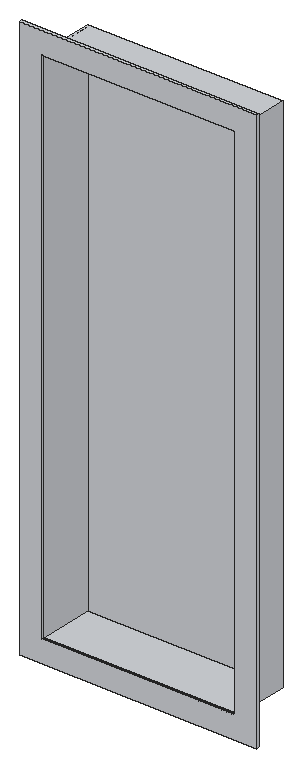
Revit family "Hager-VOLTA-Hollow_wall-IP30-Without_Cover-With_DIN-NoHosted-DE-de", category Electrical Equipment, Revit 2023
Family settings
  Panel Configuration = Two Columns, Circuits Across
  Round Connector Dimension = Use Diameter
  Part Type = Panelboard
  Work Plane-Based = Yes
  Always vertical = Yes
  Cut with Voids When Loaded = No
  Maintain Annotation Orientation = No
  Shared = No
  Room Calculation Point = No
Parameters (values of type "VOLTA-Hollow_wall_W348_H880_D94_12_Modular_Spacing-VH60NKM")
  Width Control [instance] = if([HG000006-Flush mounted], if([EF000846 - Einbaubreite] > min_whd, [EF000846 - Einbaubreite], min_whd), if([EF000008 - Breite] > min_whd, ([EF000008 - Breite]), min_whd))  # 314 mm
  Void Depth [instance] = if([EF000218 - Einbautiefe] > 1 mm, [EF000218 - Einbautiefe], 1 mm)  # 90 mm
  Uniformat code = "D501001"
  Uniformat = "Low Tension Service & Dist."
  Référence = ""
  HGEF0002950-Breite in Teilungseinheiten = 12
  HGEF000266-Anzahl der Reihen = 0
  HG000131 - Funktionell label [instance] = ""
  HG000130 - Functional name [instance] = ""
  HG000099-Onfly Template ID-de-DE = "507532"
  HG000059 - Betriebsspannung [instance] = 230 V
  HG000017-Distanz zwischen den Polen = 18 mm
  HG000016-3D-Türsichtbarkeit = yes
  HG000015-Sichtbarkeit der Türöffnung = yes
  HG000014-Tür rechts = yes
  HG000013-Tür links = no
  HG000012-Türschwenkwinkel = 90.00°
  HG000011-Leere Reihen von unten = no
  HG000010-Asymmetrische Türen = no
  HG000009-Doppelflügeligen Tür = no
  HG000008-Anzahl der leeren Reihen = 0
  HG000007-Anzahl der leeren Spalten = 0
  HG000005-Dicke = 2 mm
  HG000004-Herstellerreferenz = "VH60NKM"
  HG000003-Bereich = "VOLTA"
  HG000002-Mit tür = no
  HG000001-Anzahl der Spalten = 0
  ETIM class name = "Small distribution board"
  ETIM class code = "EC000214"
  EF015941 - Signaldurchlassende Tür = no
  EF015777 - Neutralleiterklemmenblock = no
  EF015776 - Erdungsklemmenblock = no
  EF009212 - Ausführung Deckel = "geschlossen"
  EF006306 - Mit Schloss = no
  EF006244 - Transparenter Deckel/Tür = no
  EF005474 - Schutzart (IP) = "IP30"
  EF004464 - Art der Tür = ""
  EF004462 - Art der Schließung = "sonstige"
  EF002950 - Breite in Teilungseinheiten = 12
  EF001596 - Werkstoff des Gehäuses = ""
  EF001134 - DIN-Schiene = yes
  EF001131 - Innentiefe = 0 mm
  EF001088 - Anbaumöglichkeit = yes
  EF001062 - EMV-Ausführung = no
  EF000846 - Einbaubreite = 314 mm
  EF000339 - Art der Abdeckung = ""
  EF000332 - Einbauhöhe = 846 mm
  EF000266 - Anzahl der Reihen = 0
  EF000218 - Einbautiefe = 90 mm
  EF000118 - Mit Montageplatte = yes
  EF000116 - RAL-Nummer = 9010
  EF000049 - Tiefe = 94 mm
  EF000040 - Höhe = 880 mm
  EF000024 - UV-beständig = no
  EF000008 - Breite = 348 mm
  EF000007 - Farbe = "weiß"
  EF000003 - Montageart = "Hohlwand"
  Type Comments = ""
  System Height [instance] = Height Control - 2 * [HG000005-Dicke]  # 842 mm
  Reference description = ""
  Reference = "VOLTA-Hollow_wall_W348_H880_D94_12_Modular_Spacing-VH60NKM"
  Panel Name [instance] = ""  # (empty or 0)
  Offset [instance] = 0 mm
  Object type = ""
  Name hager = "ADD_Enclosures_EC000214"
  Name BIM&CO = "Electricity"
  Name = "VOLTA-Hollow_wall-IP30-Without_Cover-With_DIN-DE"
  Model = ""
  Level Offset [instance] = [Flush Mounted - Door Frame Width] + Offset  # 34 mm
  HG000060-RAL-number = "9010"
  HG000006-Flush mounted = yes
  GTIN (Global Trade Item Number) = ""
  Description = ""
  Default Elevation = 1200 mm
  Creation Date = "12/15/2025 21:45:00"
  Code hager = "ADD-EC000214_EU"
  Code Uniformat = ""
  BIM&CO code = ""
  BC_VARIANT_ID = "1174283"
  BC_OBJECT_VERSION = "#3"  # constant formula
  BC_OBJECT_ID = "513480"  # constant formula
  BC_MODEL_ID = "1547176"  # constant formula
  BC_METADATA = "{\"ObjectGuid\":\"bc35c96e-cb38-443e-833d-0616858cb9ac\",\"ModelGuid\":\"8af03f69-2293-4735-a617-cc53adf55621\",\"VariantGuid\":\"8b6e323b-1b53-409a-a940-11b5a7fc5337\",\"Revision\":\"#4\",\"VariantName\":\"Template-Enclosure_EU-EC000214\"}"
  Arrow Offset [instance] = Depth Control / 8  # 11.25 mm
  Arrow Height [instance] = Depth Control - Arrow Offset  # 78.75 mm
  Host Offset [instance] = if([HG000006-Flush mounted], 0 mm, [EF000049 - Tiefe])  # 0 mm
  min_whd [instance] = (2 * [HG000005-Dicke]) + 1 mm  # 5 mm
  Manufacturer = "Hager"  # constant formula
  Height Control [instance] = if([HG000006-Flush mounted], if([EF000332 - Einbauhöhe] > min_whd, [EF000332 - Einbauhöhe], min_whd), if([EF000040 - Höhe] > min_whd, ([EF000040 - Höhe]), min_whd))  # 846 mm
  Flush Mounted - Door Frame Width [instance] = if(([EF000040 - Höhe] - [EF000332 - Einbauhöhe]) > 0 mm, if([HG000006-Flush mounted], [EF000040 - Höhe] - [EF000332 - Einbauhöhe], 0 mm), 0 mm)  # 34 mm
  Depth Control [instance] = if([HG000006-Flush mounted], if([EF000218 - Einbautiefe] > 0 mm, [EF000218 - Einbautiefe], 1 mm), if([EF000049 - Tiefe] > 0 mm, ([EF000049 - Tiefe]), 1 mm))  # 90 mm
Types (3, lengths in mm): name | Width Control | Void Depth | HG000004-Herstellerreferenz | EF004462 - Art der Schließung | EF000846 - Einbaubreite | EF000332 - Einbauhöhe | EF000218 - Einbautiefe | EF000049 - Tiefe | EF000040 - Höhe | System Height | Reference | Level Offset | BC_VARIANT_ID | Arrow Offset | Arrow Height | Height Control | Flush Mounted - Door Frame Width | Depth Control
  VOLTA-Hollow_wall_W348_H630_D98_12_Modular_Spacing-VH36NKM | 314.5 | 89 | "VH36NKM" | "" | 314.5 | 595 | 89 | 98 | 630 | 591 | "VOLTA-Hollow_wall_W348_H630_D98_12_Modular_Spacing-VH36NKM" | 35 | "1174281" | 11.125 | 77.875 | 595 | 35 | 89
  VOLTA-Hollow_wall_W348_H755_D98_12_Modular_Spacing-VH48NKM | 314.5 | 89 | "VH48NKM" | "" | 314.5 | 720 | 89 | 98 | 755 | 716 | "VOLTA-Hollow_wall_W348_H755_D98_12_Modular_Spacing-VH48NKM" | 35 | "1174282" | 11.125 | 77.875 | 720 | 35 | 89
  VOLTA-Hollow_wall_W348_H880_D94_12_Modular_Spacing-VH60NKM | 314 | 90 | "VH60NKM" | "sonstige" | 314 | 846 | 90 | 94 | 880 | 842 | "VOLTA-Hollow_wall_W348_H880_D94_12_Modular_Spacing-VH60NKM" | 34 | "1174283" | 11.25 | 78.75 | 846 | 34 | 90
Reference planes
  plane 1 "Center (Front/Back)": y = 0
  plane 2: z = 0
  plane 3 "Center (Left/Right)": x = 0
  plane 4: y = 36
  plane 5: y = 90
  plane 6: y = 34
  plane 7: z = 0
  plane 8: x = -157
  plane 9: x = 157
  plane 10: x = 155
  plane 11: x = -155
  plane 12: z = 34
  plane 13: z = 36
  plane 14: y = 5
  plane 15: y = 0
  plane 16: y = 88
  plane 17: z = 878
  plane 18: z = 880
  plane 19: z = 457
  plane 20: x = 0
  plane 21: y = -100
  plane 22 "Annotation H": y = -300
  plane 23 "Annotation V": x = 357
Forms (mm)
  Extrusion 1, solid
    sketch origin (-208.679, -4572, 34) x (-1, 0, 0) y (0, -1, 0)
      loop
        line (-51.679, -4572) -> (-365.679, -4572) -> (-365.679, -4662) -> (-51.679, -4662) -> (-51.679, -4572)
    from 0 to 846 <- "Height Control"
  Extrusion 2, void
    sketch origin (-350.771, 0, 1219.2) x (1, 0, 0) y (0, 0, 1)
      loop
        line (195.771, -341.2) -> (195.771, -1183.2) -> (505.771, -1183.2) -> (505.771, -341.2) -> (195.771, -341.2)
    from 0 to -88
  Extrusion 3, solid, detail levels coarse+medium
    sketch origin (-350.771, 0, 1219.2) x (-1, 0, 0) y (0, 0, 1)
      loop
        line (-195.771, -341.2) -> (-505.771, -341.2) -> (-505.771, -1183.2) -> (-195.771, -1183.2) -> (-195.771, -341.2)
    from 0 to 2 <- "HG000005-Dicke"
Cuts and joins
  Extrusion 2 cuts Extrusion 1
Dimensions and locks
  "Flush Mounted - Door Frame Width": plane 1 "Center (Front/Back)" to plane 6
  "HG000005-Dicke": plane 4 to plane 6
  "HG000005-Dicke": plane 8 to plane 11
  "HG000005-Dicke": plane 9 to plane 10
  equal spacing: plane 8, plane 3 "Center (Left/Right)", plane 9
  "Width Control": plane 8 to plane 9
  locked: plane 14 to plane 15 at 5
  "Host Offset": plane 1 "Center (Front/Back)" to plane 15
  "Depth Control": plane 5 to plane 15
  "HG000005-Dicke": plane 5 to plane 16
  "HG000005-Dicke": plane 13 to plane 12
  "Level Offset": plane 12 to level
  "HG000005-Dicke": plane 18 to plane 17
  "Height Control": plane 18 to plane 12
  "Arrow Offset": plane 5 to nested 4
  equal spacing: plane 18, plane 19, plane 12
  locked: connector elem to plane 19
  locked: connector elem to plane 3 "Center (Left/Right)"
  Extrusion 2 sketch curve to Extrusion 2 sketch curve to plane 9 = 310 mm, 2 mm
  locked: plane 9 to plane 23 "Annotation V" at 200
  locked: plane 22 "Annotation H" to plane 1 "Center (Front/Back)" at 300
  aligned and locked: nested 1 to plane 14
  aligned and locked: plane 3 "Center (Left/Right)" to nested 1
  aligned and locked: plane 3 "Center (Left/Right)" to nested 2
  aligned and locked: nested 2 to plane 15
  aligned and locked: plane 5 to Extrusion 1
  aligned and locked: Extrusion 3 sketch curve to plane 17
  aligned and locked: Extrusion 3 sketch curve to plane 11
  aligned and locked: plane 13 to Extrusion 3 sketch curve
  aligned and locked: Extrusion 3 sketch curve to plane 10
  aligned and locked: plane 13 to Extrusion 2 sketch curve
  aligned and locked: Extrusion 2 sketch curve to plane 17
  aligned and locked: plane 16 to Extrusion 2
  aligned and locked: plane 5 to Extrusion 1 sketch curve
  aligned and locked: plane 9 to Extrusion 1 sketch curve
  aligned and locked: plane 8 to Extrusion 1 sketch curve
  aligned and locked: plane 8 to nested 4
  aligned and locked: plane 8 to nested 3
  aligned and locked: nested 3 to plane 5
  aligned and locked: Extrusion 1 sketch curve to plane 15
  aligned and locked: Extrusion 2 to plane 15
  aligned and locked: nested 5 to plane 22 "Annotation H"
  aligned and locked: plane 23 "Annotation V" to nested 5
  aligned and locked: plane 11 to Extrusion 2
  aligned and locked: plane 10 to Extrusion 2
Nested families
  nested 1: "Hager_Enclosure_System" at (0, 5, 36), Flush_Mounted <- "HG000006-Flush mounted", Height <- "System Height", Width_Control <- "Width Control", Built-in_Width <- "EF000846 - Einbaubreite", Width <- "EF000008 - Breite", Depth <- "HG000005-Dicke", Border <- "HG000005-Dicke", Distance_Between_Poles <- "HG000017-Distanz zwischen den Polen", Empty_Columns <- "HG000007-Anzahl der leeren Spalten", Total_No_Empty_Rows <- "HG000008-Anzahl der leeren Reihen", Empty_Rows_From_Bottom <- "HG000011-Leere Reihen von unten", Columns_Count <- "HG000001-Anzahl der Spalten", Rows_Count <- "HGEF000266-Anzahl der Reihen", Row_Module_Multiplicator <- "HGEF0002950-Breite in Teilungseinheiten", type "Hager_Enclosure_System", detail levels medium+fine
    with Width_Control 314 mm, Width 348 mm, Total_No_Rows 0, Total_No_Empty_Rows 0, Total_No_Columns 1, System_Width 310 mm, Rows_Count 0, Rows_Column 0, Row_Module_Multiplicator 12, Panel_4 no, Panel_3 no, Panel_2 no, Panel_1 no, No_Panels_Ctrl 1, Hide_Columns yes, Height 842 mm, Flush_Mounted yes, Empty_Rows_From_Bottom no, Empty_Rows_Column 0, Empty_Columns 0, Empty column 4 0, Empty column 3 0, Empty column 2 0, Empty column 1 0, Distance_Between_Poles 18 mm, Depth 2 mm, Columns_Count 0, Column_Width 310 mm, Built-in_Width 314 mm, Border 2 mm
  nested 2: "Hager_Enclosure_Door" at (0, 0, 34), Height_Ctrl <- "Height Control", Flush_Mounted <- "HG000006-Flush mounted", Width_Ctrl <- "Width Control", BuiltIn_Depth <- "EF000218 - Einbautiefe", Depth <- "EF000049 - Tiefe", BuiltIn_Width <- "EF000846 - Einbaubreite", Height <- "EF000040 - Höhe", BuiltIn_Height <- "EF000332 - Einbauhöhe", Width <- "EF000008 - Breite", Transparent <- "EF006244 - Transparenter Deckel/Tür", Border <- "HG000005-Dicke", Door <- "HG000002-Mit tür", Double <- "HG000009-Doppelflügeligen Tür", Assymetrical <- "HG000010-Asymmetrische Türen", Angle <- "HG000012-Türschwenkwinkel", Door_Left <- "HG000013-Tür links", Door_Right <- "HG000014-Tür rechts", Clearance <- "HG000015-Sichtbarkeit der Türöffnung", 3d_Door <- "HG000016-3D-Türsichtbarkeit", type "Hager_Enclosure_Door", detail levels medium+fine
    with min_wh 5 mm, Width_Ctrl 314 mm, Width 348 mm, Transparent_Door_No_Bottom_Border no, Transparent no, Leaf_Width 307 mm, Leaf_Tolerance 1.5 mm, Leaf_Height 839 mm, Leaf_2_Width 307 mm, Leaf_2_Offset 153.5 mm, Leaf_1_Width 307 mm, Leaf_1_Offset 153.5 mm, Height_Ctrl 846 mm, Height 880 mm, Frame_Width_Ctrl 34 mm, Frame_Width 34 mm, Frame_Internal_Offset 2 mm, Frame_Height_Ctrl 34 mm, Frame_Height 34 mm, Frame_Depth_Ctrl 4 mm, Frame_Depth 4 mm, Flush_Mounted yes, Double_Clearance_Ctrl no, Double no, Door_Right_Ctrl no, Door_Right yes, Door_Left_Ctrl no, Door_Left no, Door no, Depth 94 mm, Clearance_Depth 307 mm, Clearance_Ctrl yes, Clearance yes, BuiltIn_Width 314 mm, BuiltIn_Height 846 mm, BuiltIn_Depth 90 mm, Border 2 mm, Assymetrical no, Angle 90.00°, 3d_Door yes
  nested 3: "Hager_Enclosure_Symbol_Triangle" at (-157, 90, 0), Depth <- "Depth Control", Width <- "Width Control", type "Hager_Enclosure_Symbol_Triangle"
    with Width_Ctrl 314 mm, Width 314 mm, Depth_Ctrl 90 mm, Depth 90 mm
  nested 4: "Hager_Enclosure_Symbol_Arrow" at (-157, 78.75, 0), Height <- "Arrow Height", type "Hager_Enclosure_Symbol_Arrow"
    with Width_Inside 5.906 mm, Width 70.875 mm, Height_Ctrl 78.75 mm, Height 78.75 mm
  nested 5: "Hager_Annotation-HG000130" at (357, -300, 0), HG000130 - Functional name <- "HG000130 - Functional name", type "Hager_Annotation-HG000130"
    with HG000130 - Functional name ""
Connectors
  electrical at (0, 90, 457), driven by "HG000059 - Betriebsspannung"
    settings: on plane 5, index 1, voltage 230 V, apparent load 0 VA, apparent load phase1 0 VA, apparent load phase2 0 VA, apparent load phase3 0 VA, power factor 1, load classification "Other", number of poles 1, system type 30, power factor state 1, is connector primary yes, connector utility no, sub classification motor no, connector description ""
Definition of nested family "Hager_Enclosure_Door"
  Parameters (values of type "Hager_Enclosure_Door")
    min_wh [instance] = (2 * Border) + 1 mm  # 11 mm
    Width_Ctrl [instance] = 400 mm
    Width [instance] = 500 mm
    Transparent_Door_No_Bottom_Border [instance] = no
    Transparent [instance] = yes
    Leaf_Width [instance] = if((Width_Ctrl - 2 * Border - 2 * Leaf_Tolerance) > 0 mm, (Width_Ctrl - 2 * Border - 2 * Leaf_Tolerance), min_wh)  # 387 mm
    Leaf_Tolerance [instance] = 1.5 mm  # constant formula
    Leaf_Height [instance] = if((Height_Ctrl - 2 * Border - 2 * Leaf_Tolerance) > 0 mm, (Height_Ctrl - 2 * Border - 2 * Leaf_Tolerance), min_wh)  # 387 mm
    Leaf_2_Width [instance] = if(and(and(Double, Assymetrical), Door_Left), (Leaf_Width / 3) - (Leaf_Tolerance / 2), if(and(and(Double, Assymetrical), Door_Right), (Leaf_Width / 3) * 2 - (Leaf_Tolerance / 2), if(and(Double, not(Assymetrical)), (Leaf_Width / 2) - Leaf_Tolerance, Leaf_Width)))  # 387 mm
    Leaf_2_Offset [instance] = if(and(Double, Assymetrical), Leaf_2_Width / 2, if(and(Double, not(Assymetrical)), Leaf_Width / 4, Leaf_Width / 2))  # 193.5 mm
    Leaf_1_Width [instance] = if(and(and(Double, Assymetrical), Door_Right), (Leaf_Width / 3) - (Leaf_Tolerance / 2), if(and(and(Double, Assymetrical), Door_Left), (Width / 3) * 2 - (Leaf_Tolerance / 2), if(and(Double, not(Assymetrical)), (Leaf_Width / 2) - Leaf_Tolerance, Leaf_Width)))  # 387 mm
    Leaf_1_Offset [instance] = if(and(Double, Assymetrical), Leaf_1_Width / 2, if(and(Double, not(Assymetrical)), Leaf_Width / 4, Leaf_Width / 2))  # 193.5 mm
    Height_Ctrl [instance] = 400 mm
    Height [instance] = 500 mm
    Frame_Width_Ctrl [instance] = if(Frame_Width > 0 mm, Frame_Width, 1 mm)  # 1 mm
    Frame_Width [instance] = Width - BuiltIn_Width  # 0 mm
    Frame_Internal_Offset [instance] = if(Flush_Mounted, Border, 0 mm)  # 5 mm
    Frame_Height_Ctrl [instance] = if(Frame_Height > 0 mm, Frame_Height, 1 mm)  # 1 mm
    Frame_Height [instance] = Height - BuiltIn_Height  # 0 mm
    Frame_Depth_Ctrl [instance] = if(Frame_Depth > 0 mm, Frame_Depth, 1 mm)  # 1 mm
    Frame_Depth [instance] = if(Depth - BuiltIn_Depth > 0 mm, if(Flush_Mounted, Depth - BuiltIn_Depth, 0 mm), 0 mm)  # 0 mm
    Flush_Mounted [instance] = yes
    Double_Clearance_Ctrl [instance] = and(Double, Clearance)  # no
    Double [instance] = no
    Door_Right_Ctrl [instance] = and(or(Door_Right, Double), Door)  # yes
    Door_Right [instance] = yes
    Door_Left_Ctrl [instance] = and(or(Door_Left, Double), Door)  # no
    Door_Left [instance] = no
    Door [instance] = yes
    Depth [instance] = 500 mm
    Default Elevation = 1219.2 mm
    Clearance_Material = none
    Clearance_Depth [instance] = if(Leaf_1_Width > Leaf_2_Width, Leaf_1_Width, Leaf_2_Width)  # 387 mm
    Clearance_Ctrl [instance] = and(not(Double), Clearance)  # yes
    Clearance [instance] = yes
    BuiltIn_Width [instance] = 500 mm
    BuiltIn_Height [instance] = 500 mm
    BuiltIn_Depth [instance] = 500 mm
    Border [instance] = 5 mm
    Assymetrical [instance] = yes
    Angle [instance] = 30.00°
    3d_Door [instance] = yes
  Reference planes
    plane 1 "Center (Front/Back)": y = 0
    plane 2 "Bottom": z = 0
    plane 3 "Center (Left/Right)": x = 0
    plane 4: z = 400
    plane 5: x = -200
    plane 6: x = 200
    plane 7: z = 395
    plane 8: x = -195
    plane 9: z = 5
    plane 10: x = 195
    plane 11: y = 0
    plane 12: z = 6.5
    plane 13: x = -582
    plane 14: y = -387
    plane 15: x = 582
    plane 16: x = 0
    plane 17: x = 0
    plane 18: x = -193.5
    plane 19: x = 193.5
    plane 20: z = 393.5
  Forms (mm)
    Extrusion 1, solid, visible <- "Flush_Mounted"
      sketch origin (0, 0, 0) x (1, 0, 0) y (0, 0, 1)
        loop
          line (195, 5) -> (195, 395) -> (-195, 395) -> (-195, 5) -> (195, 5)
        loop
          line (-201, 401) -> (-201, -1) -> (201, -1) -> (201, 401) -> (-201, 401)
      from 0 to 1 <- "Frame_Depth_Ctrl"
    Extrusion 2, solid, material <- "Clearance_Material", visible <- "Double_Clearance_Ctrl"
      sketch origin (1200, 0, 0) x (1, 0, 0) y (0, 0, -1)
        loop
          line (-1782, -393.5) -> (-618, -393.5) -> (-618, 0) -> (-1782, 0) -> (-1782, -393.5)
      from 0 to -387
  Dimensions and locks
    equal spacing: plane 5, plane 3 "Center (Left/Right)", plane 6
    "Width_Ctrl": plane 5 to plane 6
    "Border": plane 5 to plane 8
    "Border": plane 6 to plane 10
    "Border": plane 9 to level
    "Border": plane 4 to plane 7
    "Height_Ctrl": plane 4 to level
    "Leaf_Tolerance": plane 12 to plane 9
    "Frame_Depth": plane 11 to plane 1 "Center (Front/Back)"
    "Frame_Width_Ctrl": plane 5 to Extrusion 1 sketch curve
    "Frame_Width_Ctrl": plane 6 to Extrusion 1 sketch curve
    "Frame_Width_Ctrl": Extrusion 1 sketch curve to plane 4
    "Frame_Width_Ctrl": plane 2 "Bottom" to Extrusion 1 sketch curve
    "Leaf_1_Offset": plane 18 to plane 16
    "Leaf_2_Offset": plane 17 to plane 19
    "Leaf_1_Width": plane 13 to plane 8
    "Leaf_2_Width": plane 10 to plane 15
    "Clearance_Depth": plane 14 to plane 1 "Center (Front/Back)"
    "Leaf_Tolerance": plane 8 to plane 18
    "Leaf_Tolerance": plane 19 to plane 10
    "Leaf_Tolerance": plane 7 to plane 20
    "Frame_Internal_Offset": plane 5 to Extrusion 1 sketch curve
    "Frame_Internal_Offset": Extrusion 1 sketch curve to plane 2 "Bottom"
    "Frame_Internal_Offset": plane 6 to Extrusion 1 sketch curve
    "Frame_Internal_Offset": plane 4 to Extrusion 1 sketch curve
    aligned and locked: level to plane 2 "Bottom"
    aligned and locked: nested 1 to plane 16
    aligned and locked: nested 2 to plane 17
    aligned and locked: Extrusion 2 to plane 13
    aligned and locked: plane 15 to Extrusion 2
    aligned and locked: Extrusion 2 to plane 14
    aligned and locked: plane 12 to nested 1
    aligned and locked: nested 2 to plane 12
    aligned and locked: Extrusion 2 to plane 11
    aligned and locked: plane 20 to Extrusion 2
    aligned and locked: nested 2 to plane 11
    aligned and locked: nested 1 to plane 11
  Automatic sketch dimensions
    Extrusion 2 sketch curve to level = 0 mm
    plane 5 to Extrusion 2 sketch curve = 382 mm
    plane 6 to Extrusion 2 sketch curve = 382 mm
    Extrusion 2 sketch curve to plane 4 = 6.5 mm
  Nested families
    nested 1: "Hager_Enclosure_Door_Leaf" at (0, 0, 6.5), Width <- "Leaf_1_Width", visible <- "Door_Left_Ctrl", Leaf_Height <- "Leaf_Height", Angle <- "Angle", Depth <- "Border", 3d_Door <- "3d_Door", Transparent <- "Transparent", Clearance Material <- "Clearance_Material", Clearance <- "Clearance_Ctrl", Transparent_Door_No_Bottom_Border <- "Transparent_Door_No_Bottom_Border", type "Hager_Enclosure_Door_Leaf"
      with Width 387 mm, Transparent_Door_No_Bottom_Border no, Transparent_Door_Border_Bottom_Top 25 mm, Transparent_Door_Border 25 mm, Transparent_Ctrl yes, Transparent yes, Standard no, Leaf_Height 387 mm, Glass_Offset 1 mm, Depth 5 mm, Clearance Material none, Clearance yes, Angle_Ctrl 30.00°, Angle 30.00°, 3d_Door yes
    nested 2: "Hager_Enclosure_Door_Leaf" at (0, 0, 6.5) x (-1, 0, 0) z (0, 0, 1), Width <- "Leaf_2_Width", visible <- "Door_Right_Ctrl", Leaf_Height <- "Leaf_Height", Angle <- "Angle", Depth <- "Border", 3d_Door <- "3d_Door", Transparent <- "Transparent", Clearance Material <- "Clearance_Material", Clearance <- "Clearance_Ctrl", Transparent_Door_No_Bottom_Border <- "Transparent_Door_No_Bottom_Border", type "Hager_Enclosure_Door_Leaf"
      with Width 387 mm, Transparent_Door_No_Bottom_Border no, Transparent_Door_Border_Bottom_Top 25 mm, Transparent_Door_Border 25 mm, Transparent_Ctrl yes, Transparent yes, Standard no, Leaf_Height 387 mm, Glass_Offset 1 mm, Depth 5 mm, Clearance Material none, Clearance yes, Angle_Ctrl 30.00°, Angle 30.00°, 3d_Door yes
  Definition of nested family "Hager_Enclosure_Door_Leaf"
    Parameters (values of type "Hager_Enclosure_Door_Leaf")
      Width [instance] = 2000 mm
      Transparent_Door_No_Bottom_Border [instance] = yes
      Transparent_Door_Border_Bottom_Top [instance] = if(Transparent_Door_No_Bottom_Border, 0.1 mm, Transparent_Door_Border)  # 0.1 mm
      Transparent_Door_Border [instance] = if(Transparent_Door_No_Bottom_Border, (Width * 0.12), 25 mm)  # 240 mm
      Transparent_Ctrl [instance] = and(Transparent, [3d_Door])  # yes
      Transparent [instance] = yes
      Standard [instance] = and(not(Transparent), [3d_Door])  # no
      Leaf_Height [instance] = 2720.336 mm
      Glass_Offset [instance] = if((Depth - 10 mm) / 2 > 0 mm, (Depth - 10 mm) / 2, 1 mm)  # 15 mm
      Glass_Material = none
      Depth [instance] = 40 mm
      Default Elevation = 0 mm
      Clearance Material [instance] = none
      Clearance [instance] = yes
      Angle_Ctrl [instance] = if(Angle > 170.00°, 170.00°, Angle)  # 45.00°
      Angle [instance] = 45.00°
      3d_Door [instance] = yes
    Reference planes
      plane 1 "Center (Front/Back)": y = 0
      plane 2: z = 0
      plane 3 "Center (Left/Right)": x = 0
      plane 4: y = 2000
      plane 5: x = -1000
      plane 6: x = 1000
      plane 7: x = -3000
      plane 8: z = 2720.336
      plane 9: z = 0.1
      plane 10: z = 2720.236
      plane 11: x = 760
      plane 12: x = -760
    Forms (mm)
      Extrusion 1, solid, material <- "Clearance Material", visible <- "Clearance"
        sketch origin (0, 0, 0) x (1, 0, 0) y (0, 0, 1)
          loop
            line (-3000, 2720.336) -> (-3000, 0) -> (1000, 0) -> (1000, 2720.336) -> (-3000, 2720.336)
        from 0 to -2000
      Extrusion 2, solid, visible <- "Standard", detail levels medium+fine
        sketch origin (-1000, 0, 0) x (0.707107, 0.707107, 0) y (-0.707107, 0.707107, 0)
          loop
            line (0, -40) -> (2000, -40) -> (2000, 0) -> (0, 0) -> (0, -40)
        from 0 to 2720.336 <- "Leaf_Height"
      Extrusion 3, solid, visible <- "Transparent_Ctrl", detail levels medium+fine
        sketch origin (-1000, 0, 0) x (0.707107, 0.707107, 0) y (-0.707107, 0.707107, 0)
          loop
            line (0, -40) -> (2000, -40) -> (2000, 0) -> (0, 0) -> (0, -40)
        from 0 to 2720.336 <- "Leaf_Height"
      Extrusion 4, void, detail levels medium+fine
        sketch origin (-1000, 0, 0) x (-0.707107, 0.707107, 0) y (0.707107, 0.707107, 0)
          loop
            line (0, 240) -> (0, 1760) -> (-40, 1760) -> (-40, 240) -> (0, 240)
        from -2720.236 to -0.1
      Extrusion 5, solid, material <- "Glass_Material", visible <- "Transparent_Ctrl", detail levels medium+fine
        sketch origin (-1000, 0, 0) x (0.707107, 0.707107, 0) y (-0.707107, 0.707107, 0)
          loop
            line (240, -15) -> (240, -25) -> (1760, -25) -> (1760, -15) -> (240, -15)
        from 0.1 to 2720.236
    Cuts and joins
      Extrusion 4 cuts Extrusion 3
    Lines and regions (mm)
      symbolic lines
        curve 1: line (1000, 0, 0) -> (-3000, 0, 0)
        curve 2: arc (1000, 0, 0) -> (-1000, 2000, 0) -> (-3000, 0, 0) r 2000
        curve 4: line (-1000, 0, 0) -> (414.214, 1414.214, 0)
      reference lines
        curve 3: line (-1000, 0, 0) -> (414.214, 1414.214, 0)
      symbolic lines, detail levels medium+fine
        curve 5: line (414.214, 1414.214, 0) -> (442.498, 1385.929, 0)
        curve 6: line (442.498, 1385.929, 0) -> (-971.716, -28.284, 0)
        curve 7: line (-971.716, -28.284, 0) -> (-1000, 0, 0)
        curve 8: line (-1000, 0, 2720.336) -> (1000, 0, 2720.336)
        curve 9: line (-1000, 0, 0) -> (-1000, 0, 2720.336)
        curve 10: line (1000, 0, 0) -> (-1000, 0, 0)
        curve 11: line (1000, 0, 2720.336) -> (1000, 0, 0)
      symbolic lines, visible <- "Transparent_Ctrl", detail levels medium+fine
        curve 12: line (-760, 0, 2720.236) -> (760, 0, 2720.236)
        curve 13: line (-760, 0, 0.1) -> (-760, 0, 2720.236)
        curve 14: line (760, 0, 0.1) -> (-760, 0, 0.1)
        curve 15: line (760, 0, 2720.236) -> (760, 0, 0.1)
    Dimensions and locks
      "Width": plane 1 "Center (Front/Back)" to plane 4
      equal spacing: plane 5, plane 3 "Center (Left/Right)", plane 6
      "Width": plane 5 to plane 6
      "Width": plane 7 to plane 5
      "Leaf_Height": plane 8 to level
      "Depth": curve 6 to curve 3
      "Width": curve 5 to curve 3
      "Width": curve 3 to curve 3
      "Transparent_Door_Border": Extrusion 4 sketch curve to curve 7
      "Transparent_Door_Border": Extrusion 4 sketch curve to curve 5
      "Transparent_Door_Border_Bottom_Top": plane 8 to plane 10
      "Transparent_Door_Border_Bottom_Top": plane 9 to level
      "Glass_Offset": Extrusion 5 sketch curve to curve 4
      "Glass_Offset": Extrusion 5 sketch curve to curve 6
      "Transparent_Door_Border": Extrusion 5 sketch curve to curve 5
      "Transparent_Door_Border": Extrusion 5 sketch curve to curve 7
      "Transparent_Door_Border": plane 12 to plane 5
      "Transparent_Door_Border": plane 6 to plane 11
      "Angle_Ctrl": angle plane 1 "Center (Front/Back)" to curve 3
      aligned and locked: level to plane 2
      aligned and locked: Extrusion 1 to curve 1
      aligned and locked: plane 6 to Extrusion 1
      aligned and locked: Extrusion 1 to plane 1 "Center (Front/Back)"
      aligned and locked: plane 4 to Extrusion 1
      aligned and locked: plane 8 to Extrusion 1
      aligned and locked: curve 4 to curve 3
      aligned and locked: Extrusion 2 sketch curve to curve 7
      aligned and locked: Extrusion 2 sketch curve to curve 6
      aligned and locked: Extrusion 2 sketch curve to curve 5
      aligned and locked: Extrusion 2 sketch curve to curve 3
      aligned and locked: curve 7 to Extrusion 3 sketch curve
      aligned and locked: Extrusion 3 sketch curve to curve 4
      aligned and locked: Extrusion 3 sketch curve to curve 6
      aligned and locked: Extrusion 3 sketch curve to curve 5
      aligned and locked: curve 4 to Extrusion 4 sketch curve
      aligned and locked: curve 6 to Extrusion 4 sketch curve
      aligned and locked: Extrusion 4 to plane 9
      aligned and locked: Extrusion 4 to plane 10
      aligned and locked: Extrusion 5 to plane 9
      aligned and locked: Extrusion 5 to plane 10
      aligned and locked: curve 8 to plane 8
      aligned and locked: plane 5 to curve 9
      aligned and locked: plane 2 to curve 10
      aligned and locked: curve 11 to plane 6
      aligned and locked: plane 10 to curve 12
      aligned and locked: plane 12 to curve 13
      aligned and locked: curve 14 to plane 9
      aligned and locked: plane 11 to curve 15
    Automatic sketch dimensions
      plane 1 "Center (Front/Back)" to curve 2 = 0 mm
      curve 2 to plane 5 = 0 mm
      Extrusion 1 sketch curve to level = 0 mm
      Extrusion 1 sketch curve to plane 7 = 0 mm
      Extrusion 1 sketch curve to plane 6 = 0 mm
      Extrusion 1 sketch curve to plane 8 = 0 mm
      plane 1 "Center (Front/Back)" to curve 3 = 0 mm
      curve 3 to plane 5 = 0 mm
      curve 7 to curve 3 = 0 mm
Definition of nested family "Hager_Enclosure_Symbol_Triangle"
  Parameters (values of type "Hager_Enclosure_Symbol_Triangle")
    Width_Ctrl [instance] = if(Width > 1 mm, Width, 1 mm)  # 498 mm
    Width [instance] = 498 mm
    Depth_Ctrl [instance] = if(Depth > 1 mm, Depth, 1 mm)  # 72 mm
    Depth [instance] = 72 mm
  Reference planes
    plane 1 "Centre (avant/arrière)": y = 0
    plane 2: z = 0
    plane 3 "Centre (gauche/droite)": x = 0
  Lines and regions (mm)
    Filled region 1, type "Solid_Black", in view "Niveau de réf."
      outline origin (0, 0, 0) x (1, 0, 0) y (0, 1, 0)
        loop
          line (0, 0) -> (498, 0) -> (498, 72) -> (0, 0)
    reference lines, in view "Niveau de réf."
      curve 1: line (-206.153, 72, 0) -> (1083.258, 72, 0)
      curve 2: line (498, 405.456, 0) -> (498, -517.619, 0)
  Dimensions and locks
    "Depth_Ctrl": plane 1 "Centre (avant/arrière)" to curve 1
    "Width_Ctrl": plane 3 "Centre (gauche/droite)" to curve 2
    aligned and locked: curve 1 to Filled region 1 sketch curve
    aligned and locked: Filled region 1 sketch curve to plane 1 "Centre (avant/arrière)"
    aligned and locked: curve 2 to Filled region 1 sketch curve
    aligned and locked: plane 3 "Centre (gauche/droite)" to Filled region 1 sketch curve
    aligned and locked: plane 1 "Centre (avant/arrière)" to Filled region 1 sketch curve
  Automatic sketch dimensions
    curve 1 to plane 3 "Centre (gauche/droite)" = 206.153 mm
    curve 2 to curve 1 = 585.258 mm
    plane 1 "Centre (avant/arrière)" to curve 2 = 517.619 mm
    curve 2 to plane 1 "Centre (avant/arrière)" = 405.456 mm
Definition of nested family "Hager_Enclosure_Symbol_Arrow"
  Parameters (values of type "Hager_Enclosure_Symbol_Arrow")
    Width_Inside [instance] = if(Width / 12 > 2 mm, Width / 12, 2 mm)  # 4.987 mm
    Width [instance] = if(Height_Ctrl * 0.9 > 2 mm, Height_Ctrl * 0.9, 2 mm)  # 59.85 mm
    Height_Ctrl [instance] = if(Height > 2 mm, Height, 2 mm)  # 66.5 mm
    Height [instance] = 66.5 mm
  Reference planes
    plane 1 "Centre (avant/arrière)": y = 0
    plane 2: z = 0
    plane 3 "Centre (gauche/droite)": x = 0
    plane 4: x = 59.85
    plane 5: y = 28.263
    plane 6: y = 38.238
    plane 7: y = 66.5
    plane 8: x = 29.925
    plane 9: y = 33.25
  Lines and regions (mm)
    Filled region 1, type "Solid_Black", in view "Niveau de réf."
      outline origin (0, 0, 0) x (1, 0, 0) y (0, 1, 0)
        loop
          line (59.85, 66.5) -> (37.929, 52.827) -> (51.846, 41.935) -> (59.85, 66.5)
    detail lines, in view "Niveau de réf."
      curve 1: line (0, 0, 0) -> (29.925, 38.238, 0)
      curve 2: line (29.925, 38.238, 0) -> (29.925, 28.263, 0)
      curve 3: line (29.925, 28.263, 0) -> (59.85, 66.5, 0)
  Dimensions and locks
    "Width": plane 3 "Centre (gauche/droite)" to plane 4
    "Height_Ctrl": plane 7 to plane 1 "Centre (avant/arrière)"
    equal spacing: plane 3 "Centre (gauche/droite)", plane 8, plane 4
    equal spacing: plane 7, plane 9, plane 1 "Centre (avant/arrière)"
    equal spacing: plane 6, plane 9, plane 5
    "Width_Inside": plane 6 to plane 9
    equal spacing: curve 3, Filled region 1 sketch curve, Filled region 1 sketch curve
    angle Filled region 1 sketch curve to curve 3 = 20.00°
    angle curve 3 to Filled region 1 sketch curve = 20.00°
    locked: curve 3 to Filled region 1 sketch curve (angle 90.00°)
  Automatic sketch dimensions
    plane 1 "Centre (avant/arrière)" to curve 1 = 0 mm
    curve 1 to plane 3 "Centre (gauche/droite)" = 0 mm
    curve 2 to plane 6 = 0 mm
    curve 3 to plane 8 = 0 mm
    curve 3 to plane 4 = 0 mm
    curve 2 to plane 5 = 0 mm
    curve 3 to plane 7 = 0 mm
    Filled region 1 sketch curve to plane 4 = 0 mm
    Filled region 1 sketch curve to plane 7 = 0 mm
Definition of nested family "Hager_Annotation-HG000130"
  Parameters (values of type "Hager_Annotation-HG000130")
    HG000130 - Functional name [instance] = ""
  Reference planes
    plane 1: y = 0
    plane 2: x = 0
  Lines and regions (mm)
    detail lines
      curve 1: line (-27.5, 10, 0) -> (27.5, 10, 0)
      curve 2: line (-27.5, -10, 0) -> (-27.5, 10, 0)
      curve 3: line (27.5, -10, 0) -> (-27.5, -10, 0)
      curve 4: line (27.5, 10, 0) -> (27.5, -10, 0)
  Text (mm)
    label "HG000130 - Functional name" at (0.16, 0.026, 0), shows "HG000130 - Functional name"
